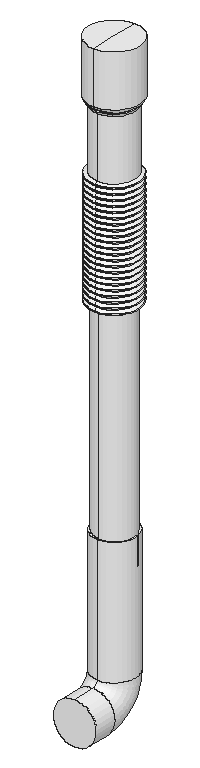
Revit family "Tube_de_chasse_63-50mmxL53cm", category Plumbing Fixtures, Revit 2019
Family settings
  Round Connector Dimension = Use Diameter
  Part Type = Normal
  OmniClass Number = 23.45.00.00
  OmniClass Title = Sanitary, Laundry, and Cleaning Equipment
  Work Plane-Based = No
  Always vertical = Yes
  Cut with Voids When Loaded = No
  Shared = No
  Room Calculation Point = No
Parameters
  aux_dim tubo [instance] = TUBE_Hauteur - TUBE_Recoupe  # 620 mm
  TUBE_URL des données du produit = "https://professionnels.regiplast.fr/tubes-de-chasse/854-ts800.html"
  TUBE_Type/fonctionnement = "Tube permettant l’installation désaxée des réservoirs Césame CE70 - CE71 - CE72."
  TUBE_Type d'actionnement = ""
  TUBE_Support vidéo = ""
  TUBE_Site internet/Page web = "https://www.regiplast.fr/"
  TUBE_Référence du modèle = "TS800"
  TUBE_Produit = "Tube de chasse\r\n\r\n"  # constant formula
  TUBE_Notice d'installation = "https://professionnels.regiplast.fr/tubes-de-chasse/854-ts800.html"
  TUBE_Modèle = "Tube de chasse Ø63-50mmxL53cm\r\n"  # constant formula
  TUBE_Marque = "REGIPLAST\r\n"  # constant formula
  TUBE_Désaxement latéral possible = "0 à 520 mm"  # constant formula
  TUBE_Désaxement latéral [instance] = 0 mm
  aux_ang1 [instance] = 90.00° - aux_ang  # 0.00°
  aux_ang [instance] = acos(TUBE_Désaxement latéral / (TUBE_Hauteur + 157 mm))  # 90.00°
  TUBE_Recoupe possible = 200 mm  # constant formula
  TUBE_Recoupe [instance] = 0 mm
  TUBE_Matériel = "PP"  # constant formula
  TUBE_Hauteur [instance] = 620 mm
  TUBE_Dimensions = "Ø63-50mmx530mm"
  USP = ""
  URL = "https://professionnels.regiplast.fr/tubes-de-chasse/854-ts800.html"
  TUBE_Description technique = "https://professionnels.regiplast.fr/tubes-de-chasse/854-ts800.html"
  TUBE_Certifications = ""
  Regiplast_Matériel = none
  Model = TUBE_Modèle  # "Tube de chasse Ø63-50mmxL53cm\r\n"
  Manufacturer = "REGIPLAST\r\n"  # constant formula
  Email d'assistance = "regiplast@regiplast.fr"
  Description = "Tube permettant l’installation désaxée des réservoirs Césame CE70 - CE71 - CE72. \r\n"  # constant formula
  TUBE_Graphiques = ""
  BIM object developer = "www.concepsysbim.com"
Reference planes
  plane 1 "Center (Front/Back)": y = 0
  plane 2: z = 0
  plane 3 "Center (Left/Right)": x = 0
  plane 4: x = 0
  plane 5 "angulo": x = 0
Dimensions and locks
  "TUBE_Désaxement latéral": plane 4 to plane 3 "Center (Left/Right)"
  "aux_ang1": angle nested 1 to level
  aligned and locked: level to plane 2
  aligned and locked: plane 3 "Center (Left/Right)" to nested 1
Nested families
  nested 1: "Tube" at (0, 131.056, 0), type "Tube"
Connectors
  piping at (0, 195.572, 778.856), diameter 63
    settings: on nested 1, index 1, connector inside diameter 609.6 mm, connector length 0 mm, flow factor 0, pipe flow 0.0 L/s, pressure drop 0.0 Pa, fitting loss kfactor 0, connector angle 0.00°, fixture units 0, engagement length 0 mm, angle of deflection 0.00°, flow configuration 0, flow direction 1, fitting loss method 0, system type 16, joint type 0, gender type 0, connector reference index -1, connector utility 0, adjustable connector no, is connector primary yes, connector description ""
  piping at (0, 131.056, 0), diameter 50
    settings: on nested 1, index 2, connector inside diameter 609.6 mm, connector length 0 mm, flow factor 0, pipe flow 0.0 L/s, pressure drop 0.0 Pa, fitting loss kfactor 0, connector angle 0.00°, fixture units 0, engagement length 0 mm, angle of deflection 0.00°, flow configuration 0, flow direction 2, fitting loss method 0, system type 16, joint type 0, gender type 0, connector reference index -1, connector utility 0, adjustable connector no, is connector primary no, connector description ""
Definition of nested family "Tube"
  Parameters (values of type "Tube")
    aux_dim tubo = 620 mm
    aux_dim = 0 mm
    aux_ang = acos(aux_dim / (aux_dim tubo + 157 mm))  # 90.00°
    Material = none
    Default Elevation = 1219.2 mm
  Reference planes
    plane 1 "Center (Front/Back)": y = 0
    plane 2: z = 0
    plane 3 "Center (Left/Right)": x = 0
    plane 4 "angulo": x = 0
    plane 5: z = 158.856
    plane 6: z = 778.856
  Forms (mm)
    Sweep 1, solid, material <- "Material"
      path origin (0, 0, 0) x (0, 0, -1) y (0, -1, 0)
        loop
          line (0, 0) -> (0, -30.38)
          arc (0, -30.38) -> (-10.121, -54.813) -> (-34.554, -64.934) r 34.554
          line (-34.554, -64.934) -> (-199.554, -64.934)
      profile "Profile : Profile" origin (0, 15.19, 0) x (0, 0, -1) y (-1, 0, 0)
        loop
          circle (0, 0) r 27.8
    Revolve 2, solid, material <- "Material"
      sketch origin (0, 0, 0) x (0, 0, -1) y (0, -1, 0)
        loop
          line (-158.856, -89.367) -> (-158.856, -64.516) -> (-778.856, -64.516) -> (-778.856, -97.977) -> (-710.791, -97.977) -> (-706.723, -95.971) -> (-704.908, -93.379) -> (-703.487, -93.76) -> (-700.295, -91.917) -> (-620.865, -91.917) -> (-618.917, -96.69) -> (-618.008, -96.69) -> (-615.004, -93.11) -> (-612, -96.69) -> (-610.934, -96.69) -> (-607.93, -93.11) -> (-604.926, -96.69) -> (-603.861, -96.69) -> (-600.857, -93.11) -> (-597.853, -96.69) -> (-596.787, -96.69) -> (-593.783, -93.11) -> (-590.779, -96.69) -> (-589.713, -96.69) -> (-586.709, -93.11) -> (-583.705, -96.69) -> (-582.64, -96.69) -> (-579.636, -93.11) -> (-576.632, -96.69) -> (-575.566, -96.69) -> (-572.562, -93.11) -> (-569.558, -96.69) -> (-568.492, -96.69) -> (-565.488, -93.11) -> (-562.484, -96.69) -> (-561.419, -96.69) -> (-558.415, -93.11) -> (-555.411, -96.69) -> (-554.345, -96.69) -> (-551.341, -93.11) -> (-548.337, -96.69) -> (-547.271, -96.69) -> (-544.267, -93.11) -> (-541.264, -96.69) -> (-540.198, -96.69) -> (-537.194, -93.11) -> (-534.19, -96.69) -> (-533.124, -96.69) -> (-530.12, -93.11) -> (-527.116, -96.69) -> (-526.05, -96.69) -> (-523.046, -93.11) -> (-520.043, -96.69) -> (-518.977, -96.69) -> (-515.973, -93.11) -> (-512.969, -96.69) -> (-511.903, -96.69) -> (-508.899, -93.11) -> (-505.895, -96.69) -> (-504.829, -96.69) -> (-501.826, -93.11) -> (-498.822, -96.69) -> (-497.756, -96.69) -> (-494.752, -93.11) -> (-491.748, -96.69) -> (-490.682, -96.69) -> (-487.678, -93.11) -> (-484.674, -96.69) -> (-483.608, -96.69) -> (-480.605, -93.11) -> (-477.601, -96.69) -> (-476.535, -96.69) -> (-473.531, -93.11) -> (-470.527, -96.69) -> (-469.451, -96.69) -> (-465.051, -89.367) -> (-158.856, -89.367)
        axis (-158.856, -64.516) -> (-778.856, -64.516)
      angle from 0 to 360
  Lines and regions (mm)
    model lines
      curve 1: line (-27.8, 0, 0) -> (27.8, 0, 0)
  Dimensions and locks
    locked: curve 1 to curve 1 at 55.6
    "aux_dim tubo": plane 6 to plane 5
    "aux_ang": angle level to plane 4 "angulo"
    aligned and locked: level to plane 2
    aligned and locked: plane 5 to Revolve 2 sketch curve
    aligned and locked: Revolve 2 sketch curve to plane 6
  Automatic sketch dimensions
    plane 1 "Center (Front/Back)" to Sweep 1 sketch curve = 0 mm
    Sweep 1 sketch curve to plane 1 "Center (Front/Back)" = 30.38 mm
    Sweep 1 sketch curve to Sweep 1 sketch curve = 34.554 mm
    Sweep 1 sketch curve to Sweep 1 sketch curve = 165 mm
    Revolve 2 sketch curve to plane 1 "Center (Front/Back)" = 64.516 mm  (x2)
    Revolve 2 sketch curve to Revolve 2 sketch curve = 68.065 mm
    Revolve 2 sketch curve to plane 1 "Center (Front/Back)" = 95.971 mm
    Revolve 2 sketch curve to Revolve 2 sketch curve = 4.068 mm
    Revolve 2 sketch curve to plane 1 "Center (Front/Back)" = 93.379 mm
    Revolve 2 sketch curve to Revolve 2 sketch curve = 1.815 mm
    Revolve 2 sketch curve to plane 1 "Center (Front/Back)" = 93.76 mm
    Revolve 2 sketch curve to Revolve 2 sketch curve = 1.422 mm
    Revolve 2 sketch curve to plane 1 "Center (Front/Back)" = 91.917 mm
    Revolve 2 sketch curve to Revolve 2 sketch curve = 3.191 mm
    Revolve 2 sketch curve to Revolve 2 sketch curve = 79.43 mm
    Revolve 2 sketch curve to Revolve 2 sketch curve = 1.948 mm
    Revolve 2 sketch curve to Revolve 2 sketch curve = 0.91 mm
    Revolve 2 sketch curve to plane 1 "Center (Front/Back)" = 93.11 mm  (x21)
    Revolve 2 sketch curve to Revolve 2 sketch curve = 3.004 mm  (x42)
    Revolve 2 sketch curve to plane 1 "Center (Front/Back)" = 96.69 mm  (x13)
    Revolve 2 sketch curve to Revolve 2 sketch curve = 1.066 mm  (x20)
    Revolve 2 sketch curve to Revolve 2 sketch curve = 1.076 mm
    Revolve 2 sketch curve to Revolve 2 sketch curve = 4.4 mm
    Revolve 2 sketch curve to Revolve 2 sketch curve = 33.461 mm
    Revolve 2 sketch curve to Revolve 2 sketch curve = 3.58 mm  (x7)
    Revolve 2 sketch curve to Revolve 2 sketch curve = 4.773 mm
    Revolve 2 sketch curve to Revolve 2 sketch curve = 7.323 mm
    Revolve 2 sketch curve to Revolve 2 sketch curve = 24.851 mm
    Revolve 2 sketch curve to Revolve 2 sketch curve = 85.199 mm
    Revolve 2 sketch curve to Revolve 2 sketch curve = 95.199 mm
